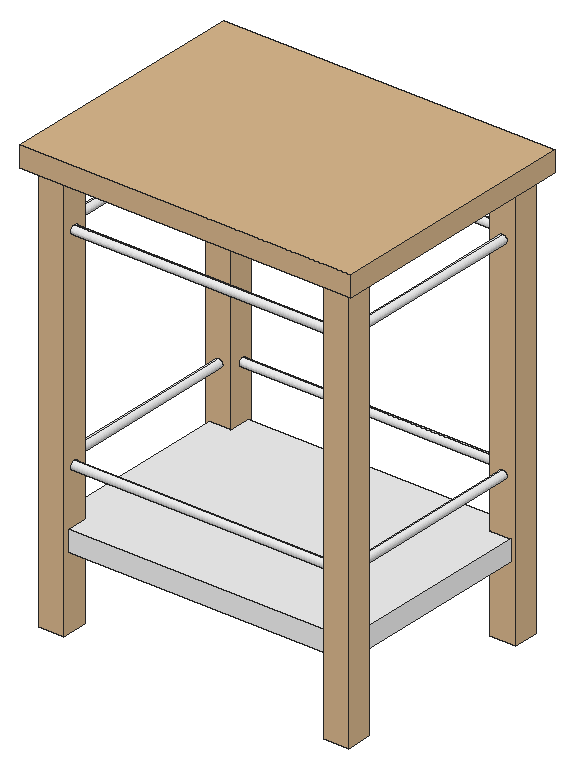
Revit family
Parameters (values of type "650 x 500mm")
  Type Comments = ""
  Model = ""
  Manufacturer URL = ""
  Manufacturer = "Revit"
  Description = "Stool"
  Cost = 0
  Assembly Code = "E2020200"
Reference planes
  plane 1 "Centro A/I": y = -163.95
  plane 2: z = 0
  plane 3 "Centro S/D": x = -295.132
  plane 4: x = -620.132
  plane 5: x = 29.868
  plane 6: y = 86.05
  plane 7: y = -413.95
  plane 8: z = 850
  plane 9: z = 810
Forms (mm)
  Extrusion 1, solid, material "Wood - Birch"
    sketch origin (0, 0, 0) x (1, 0, 0) y (0, 1, 0)
      loop
        line (-620.132, 86.05) -> (-620.132, -413.95) -> (29.868, -413.95) -> (29.868, 86.05) -> (-620.132, 86.05)
    from 810 to 850
  Extrusion 2, solid, material "Wood - Birch"
    sketch origin (0, 0, 0) x (1, 0, 0) y (0, 1, 0)
      loop
        line (-600.132, 66.05) -> (-600.132, 16.05) -> (-550.132, 16.05) -> (-550.132, 66.05) -> (-600.132, 66.05)
      loop
        line (-40.132, 66.05) -> (-40.132, 16.05) -> (9.868, 16.05) -> (9.868, 66.05) -> (-40.132, 66.05)
      loop
        line (-600.132, -343.95) -> (-600.132, -393.95) -> (-550.132, -393.95) -> (-550.132, -343.95) -> (-600.132, -343.95)
      loop
        line (-40.132, -343.95) -> (-40.132, -393.95) -> (9.868, -393.95) -> (9.868, -343.95) -> (-40.132, -343.95)
    from 0 to 810
  Extrusion 3, solid, material "Metal - Aluminium"
    sketch origin (0, 0, 0) x (1, 0, 0) y (0, 1, 0)
      loop
        line (-550.132, 16.05) -> (-590.132, 16.05) -> (-590.132, -343.95) -> (-550.132, -343.95) -> (-550.132, -383.95) -> (-40.132, -383.95) -> (-40.132, -343.95) -> (-0.132, -343.95) -> (-0.132, 16.05) -> (-40.132, 16.05) -> (-40.132, 56.05) -> (-550.132, 56.05) -> (-550.132, 16.05)
    from 145.247 to 185.247
  Extrusion 4, solid, material "Wood - Birch"
    sketch origin (0, 0, 0) x (1, 0, 0) y (0, 1, 0)
      loop
        line (-550.132, 41.05) -> (-550.132, 16.05) -> (-575.132, 16.05) -> (-575.132, -343.95) -> (-550.132, -343.95) -> (-550.132, -363.95) -> (-40.132, -363.95) -> (-40.132, -343.95) -> (-15.132, -343.95) -> (-15.132, 16.05) -> (-40.132, 16.05) -> (-40.132, 41.05) -> (-550.132, 41.05)
      loop
        line (-545.132, 11.05) -> (-545.132, -333.95) -> (-45.132, -333.95) -> (-45.132, 11.05) -> (-545.132, 11.05)
    from 774.651 to 810
  Extrusion 5, solid, material "Metal - Aluminium"
    sketch origin (-550.132, -393.95, 810) x (0, 0, -1) y (0, 1, 0)
      loop
        circle (102.206, 22.947) r 8
      loop
        circle (102.206, 437.053) r 8
      loop
        circle (517.206, 22.947) r 8
      loop
        circle (517.206, 437.053) r 8
    from 0 to 510
  Extrusion 6, solid, material "Metal - Aluminium"
    sketch origin (-40.132, 16.05, 810) x (0, 0, -1) y (1, 0, 0)
      loop
        circle (102.206, -534.554) r 8
      loop
        circle (517.206, -534.554) r 8
      loop
        circle (102.206, 24.554) r 8
      loop
        circle (517.206, 24.554) r 8
    from 0 to 360
Lines and regions (mm)
  symbolic lines
    curve 1: line (-620.132, 86.05, 0) -> (29.868, 86.05, 0)
    curve 2: line (-620.132, -413.95, 0) -> (-620.132, 86.05, 0)
    curve 3: line (29.868, -413.95, 0) -> (-620.132, -413.95, 0)
    curve 4: line (29.868, 86.05, 0) -> (29.868, -413.95, 0)
Dimensions and locks
  equal spacing: plane 7, plane 1 "Centro A/I", plane 6
  equal spacing: plane 4, plane 3 "Centro S/D", plane 5
  plane 8 to plane 2 = 850 mm
  plane 8 to plane 9 = 40 mm
  aligned and locked: plane 9 to Extrusion 1
  aligned and locked: Extrusion 2 to plane 9
  aligned and locked: Extrusion 4 to plane 9
  aligned and locked: Extrusion 5 to Extrusion 2
  aligned and locked: Extrusion 6 to Extrusion 2
  aligned and locked: curve 1 to Extrusion 1  (x2)
  aligned and locked: Extrusion 1 to curve 4
  aligned and locked: curve 4 to Extrusion 1
